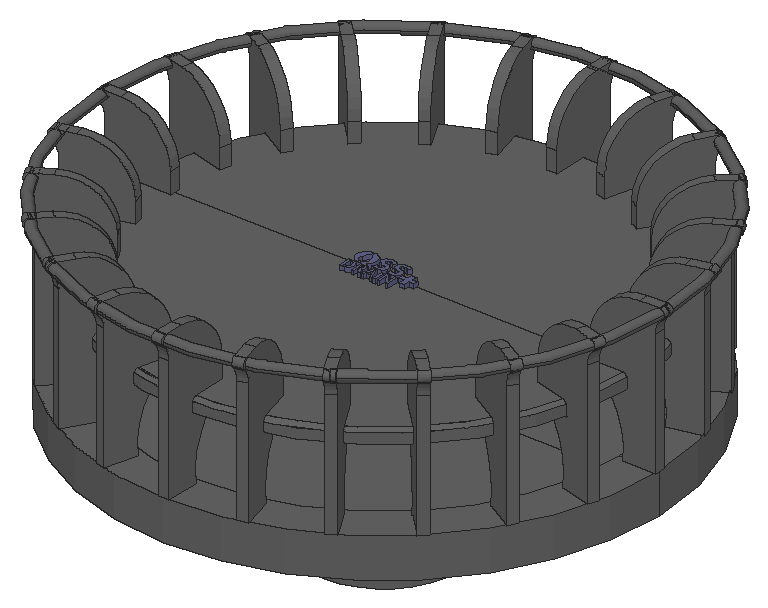
Revit family "QSS+_Воронка QS", category Оборудование, Revit 2019
Family settings
  Размер круглого соединителя = Использовать диаметр
  Классификация = Нет
  Тип детали = Нормальный
  На основе рабочей плоскости = Нет
  Всегда вертикально = Да
  При загрузке вырезать с полостями = Нет
  Общий = Нет
  Точка расчета площади = Нет
Parameters (values of type "QSS+")
  Поиск по таблице имен = "QSS+_Воронка QS"  # constant formula
  Подогрев [instance] = no
  Материал_Корпус_2 = Пластик
  Материал_Корпус = Металл
  p [instance] = if(Подогрев, 1 mm, 0 mm)  # 0 mm
  c2 [instance] = size_lookup(Поиск по таблице имен, "c1", 80 mm, ADSK_Диаметр условный, p)  # 400 mm
  a [instance] = size_lookup(Поиск по таблице имен, "a", 80 mm, ADSK_Диаметр условный, p)  # 80 mm
  URL = "www.agpipe.ru"
  b [instance] = size_lookup(Поиск по таблице имен, "b", 80 mm, ADSK_Диаметр условный, p)  # 75 mm
  c [instance] = size_lookup(Поиск по таблице имен, "c", 80 mm, ADSK_Диаметр условный, p)  # 285 mm
  ADSK_Примечание = ""
  ADSK_Позиция [instance] = ""
  ADSK_Обозначение = ""
  ADSK_Наименование [instance] = size_lookup(Поиск по таблице имен, "ADSK_Наименование", "Нет в каталоге", ADSK_Диаметр условный, p)  # "Воронка QS DN75"
  ADSK_Масса_Текст [instance] = ""
  ADSK_Код изделия [instance] = size_lookup(Поиск по таблице имен, "ADSK_Код изделия", "Нет в каталоге", ADSK_Диаметр условный, p)  # "QSS-DSS-075.W"
  ADSK_Завод-изготовитель = "Agpipe"  # constant formula
  ADSK_Единица измерения = "шт."  # constant formula
  ADSK_Диаметр условный [instance] = 75 mm
Reference planes
  plane 1 "По центру (Вперед/Назад)": y = 0
  plane 2: z = 0
  plane 3 "По центру (Влево/Вправо)": x = 0
  plane 4: x = -142.5
  plane 5: x = 142.5
  plane 6: y = -142.5
  plane 7: y = 142.5
  plane 8: z = 75
  plane 9: z = -80
  plane 10: x = -37.5
  plane 11: x = 37.5
Forms (mm)
  Sweep 1, solid, material "Пластик" <- "Материал_Корпус_2"
    path origin (0, 0, 75) x (1, 0, 0) y (0, 1, 0)
      loop
        circle (0, 0) r 142.5
    profile origin (0, 142.5, 75) x (0, -1, 0) y (0, 0, 1)
      loop
        circle (2.5, -2.5) r 2.5
  Extrusion 2, solid, material "Пластик" <- "Материал_Корпус_2"
    sketch origin (0, 0, 0) x (1, 0, 0) y (0, 0, 1)
      loop
        arc (-140, 75) -> (-142.276, 73.534) -> (-141.883, 70.856) r 2.5
        line (-141.883, 70.856) -> (-140.761, 69.734)
        arc (-140.761, 69.734) -> (-138.593, 66.489) -> (-137.832, 62.662) r 10
        line (-137.832, 62.662) -> (-137.832, 0) -> (-121.372, 0)
        arc (-121.372, 0) -> (-118.918, 20.674) -> (-106.282, 37.221) r 39.447
        line (-106.282, 37.221) -> (-121.372, 37.221) -> (-121.372, 33.158) -> (-123.899, 33.158) -> (-123.899, 38.158) -> (-122.057, 40) -> (-105, 40) -> (-105, 50)
        arc (-105, 50) -> (-112.322, 67.678) -> (-130, 75) r 25
        line (-130, 75) -> (-140, 75)
    from -2.5 to 2.5
  Extrusion 3, solid, material "Пластик" <- "Материал_Корпус_2"
    sketch origin (0, 0, 0) x (0.965926, -0.258819, 0) y (0, 0, 1)
      loop
        arc (-140, 75) -> (-142.276, 73.534) -> (-141.883, 70.856) r 2.5
        line (-141.883, 70.856) -> (-140.761, 69.734)
        arc (-140.761, 69.734) -> (-138.593, 66.489) -> (-137.832, 62.662) r 10
        line (-137.832, 62.662) -> (-137.832, 0) -> (-121.372, 0)
        arc (-121.372, 0) -> (-118.918, 20.674) -> (-106.282, 37.221) r 39.447
        line (-106.282, 37.221) -> (-121.372, 37.221) -> (-121.372, 33.158) -> (-123.899, 33.158) -> (-123.899, 38.158) -> (-122.057, 40) -> (-105, 40) -> (-105, 50)
        arc (-105, 50) -> (-112.322, 67.678) -> (-130, 75) r 25
        line (-130, 75) -> (-140, 75)
    from -2.5 to 2.5
  Extrusion 4, solid, material "Пластик" <- "Материал_Корпус_2"
    sketch origin (0, 0, 0) x (0.866025, -0.5, 0) y (0, 0, 1)
      loop
        arc (-140, 75) -> (-142.276, 73.534) -> (-141.883, 70.856) r 2.5
        line (-141.883, 70.856) -> (-140.761, 69.734)
        arc (-140.761, 69.734) -> (-138.593, 66.489) -> (-137.832, 62.662) r 10
        line (-137.832, 62.662) -> (-137.832, 0) -> (-121.372, 0)
        arc (-121.372, 0) -> (-118.918, 20.674) -> (-106.282, 37.221) r 39.447
        line (-106.282, 37.221) -> (-121.372, 37.221) -> (-121.372, 33.158) -> (-123.899, 33.158) -> (-123.899, 38.158) -> (-122.057, 40) -> (-105, 40) -> (-105, 50)
        arc (-105, 50) -> (-112.322, 67.678) -> (-130, 75) r 25
        line (-130, 75) -> (-140, 75)
    from -2.5 to 2.5
  Extrusion 5, solid, material "Пластик" <- "Материал_Корпус_2"
    sketch origin (0, 0, 0) x (0.707107, -0.707107, 0) y (0, 0, 1)
      loop
        arc (-140, 75) -> (-142.276, 73.534) -> (-141.883, 70.856) r 2.5
        line (-141.883, 70.856) -> (-140.761, 69.734)
        arc (-140.761, 69.734) -> (-138.593, 66.489) -> (-137.832, 62.662) r 10
        line (-137.832, 62.662) -> (-137.832, 0) -> (-121.372, 0)
        arc (-121.372, 0) -> (-118.918, 20.674) -> (-106.282, 37.221) r 39.447
        line (-106.282, 37.221) -> (-121.372, 37.221) -> (-121.372, 33.158) -> (-123.899, 33.158) -> (-123.899, 38.158) -> (-122.057, 40) -> (-105, 40) -> (-105, 50)
        arc (-105, 50) -> (-112.322, 67.678) -> (-130, 75) r 25
        line (-130, 75) -> (-140, 75)
    from -2.5 to 2.5
  Extrusion 6, solid, material "Пластик" <- "Материал_Корпус_2"
    sketch origin (0, 0, 0) x (0.5, -0.866025, 0) y (0, 0, 1)
      loop
        arc (-140, 75) -> (-142.276, 73.534) -> (-141.883, 70.856) r 2.5
        line (-141.883, 70.856) -> (-140.761, 69.734)
        arc (-140.761, 69.734) -> (-138.593, 66.489) -> (-137.832, 62.662) r 10
        line (-137.832, 62.662) -> (-137.832, 0) -> (-121.372, 0)
        arc (-121.372, 0) -> (-118.918, 20.674) -> (-106.282, 37.221) r 39.447
        line (-106.282, 37.221) -> (-121.372, 37.221) -> (-121.372, 33.158) -> (-123.899, 33.158) -> (-123.899, 38.158) -> (-122.057, 40) -> (-105, 40) -> (-105, 50)
        arc (-105, 50) -> (-112.322, 67.678) -> (-130, 75) r 25
        line (-130, 75) -> (-140, 75)
    from -2.5 to 2.5
  Extrusion 7, solid, material "Пластик" <- "Материал_Корпус_2"
    sketch origin (0, 0, 0) x (0.258819, -0.965926, 0) y (0, 0, 1)
      loop
        arc (-140, 75) -> (-142.276, 73.534) -> (-141.883, 70.856) r 2.5
        line (-141.883, 70.856) -> (-140.761, 69.734)
        arc (-140.761, 69.734) -> (-138.593, 66.489) -> (-137.832, 62.662) r 10
        line (-137.832, 62.662) -> (-137.832, 0) -> (-121.372, 0)
        arc (-121.372, 0) -> (-118.918, 20.674) -> (-106.282, 37.221) r 39.447
        line (-106.282, 37.221) -> (-121.372, 37.221) -> (-121.372, 33.158) -> (-123.899, 33.158) -> (-123.899, 38.158) -> (-122.057, 40) -> (-105, 40) -> (-105, 50)
        arc (-105, 50) -> (-112.322, 67.678) -> (-130, 75) r 25
        line (-130, 75) -> (-140, 75)
    from -2.5 to 2.5
  Extrusion 8, solid, material "Пластик" <- "Материал_Корпус_2"
    sketch origin (0, 0, 0) x (0, -1, 0) y (0, 0, 1)
      loop
        arc (-140, 75) -> (-142.276, 73.534) -> (-141.883, 70.856) r 2.5
        line (-141.883, 70.856) -> (-140.761, 69.734)
        arc (-140.761, 69.734) -> (-138.593, 66.489) -> (-137.832, 62.662) r 10
        line (-137.832, 62.662) -> (-137.832, 0) -> (-121.372, 0)
        arc (-121.372, 0) -> (-118.918, 20.674) -> (-106.282, 37.221) r 39.447
        line (-106.282, 37.221) -> (-121.372, 37.221) -> (-121.372, 33.158) -> (-123.899, 33.158) -> (-123.899, 38.158) -> (-122.057, 40) -> (-105, 40) -> (-105, 50)
        arc (-105, 50) -> (-112.322, 67.678) -> (-130, 75) r 25
        line (-130, 75) -> (-140, 75)
    from -2.5 to 2.5
  Extrusion 9, solid, material "Пластик" <- "Материал_Корпус_2"
    sketch origin (0, 0, 0) x (-0.258819, -0.965926, 0) y (0, 0, 1)
      loop
        arc (-140, 75) -> (-142.276, 73.534) -> (-141.883, 70.856) r 2.5
        line (-141.883, 70.856) -> (-140.761, 69.734)
        arc (-140.761, 69.734) -> (-138.593, 66.489) -> (-137.832, 62.662) r 10
        line (-137.832, 62.662) -> (-137.832, 0) -> (-121.372, 0)
        arc (-121.372, 0) -> (-118.918, 20.674) -> (-106.282, 37.221) r 39.447
        line (-106.282, 37.221) -> (-121.372, 37.221) -> (-121.372, 33.158) -> (-123.899, 33.158) -> (-123.899, 38.158) -> (-122.057, 40) -> (-105, 40) -> (-105, 50)
        arc (-105, 50) -> (-112.322, 67.678) -> (-130, 75) r 25
        line (-130, 75) -> (-140, 75)
    from -2.5 to 2.5
  Extrusion 10, solid, material "Пластик" <- "Материал_Корпус_2"
    sketch origin (0, 0, 0) x (-0.5, -0.866025, 0) y (0, 0, 1)
      loop
        arc (-140, 75) -> (-142.276, 73.534) -> (-141.883, 70.856) r 2.5
        line (-141.883, 70.856) -> (-140.761, 69.734)
        arc (-140.761, 69.734) -> (-138.593, 66.489) -> (-137.832, 62.662) r 10
        line (-137.832, 62.662) -> (-137.832, 0) -> (-121.372, 0)
        arc (-121.372, 0) -> (-118.918, 20.674) -> (-106.282, 37.221) r 39.447
        line (-106.282, 37.221) -> (-121.372, 37.221) -> (-121.372, 33.158) -> (-123.899, 33.158) -> (-123.899, 38.158) -> (-122.057, 40) -> (-105, 40) -> (-105, 50)
        arc (-105, 50) -> (-112.322, 67.678) -> (-130, 75) r 25
        line (-130, 75) -> (-140, 75)
    from -2.5 to 2.5
  Extrusion 11, solid, material "Пластик" <- "Материал_Корпус_2"
    sketch origin (0, 0, 0) x (-0.707107, -0.707107, 0) y (0, 0, 1)
      loop
        arc (-140, 75) -> (-142.276, 73.534) -> (-141.883, 70.856) r 2.5
        line (-141.883, 70.856) -> (-140.761, 69.734)
        arc (-140.761, 69.734) -> (-138.593, 66.489) -> (-137.832, 62.662) r 10
        line (-137.832, 62.662) -> (-137.832, 0) -> (-121.372, 0)
        arc (-121.372, 0) -> (-118.918, 20.674) -> (-106.282, 37.221) r 39.447
        line (-106.282, 37.221) -> (-121.372, 37.221) -> (-121.372, 33.158) -> (-123.899, 33.158) -> (-123.899, 38.158) -> (-122.057, 40) -> (-105, 40) -> (-105, 50)
        arc (-105, 50) -> (-112.322, 67.678) -> (-130, 75) r 25
        line (-130, 75) -> (-140, 75)
    from -2.5 to 2.5
  Extrusion 12, solid, material "Пластик" <- "Материал_Корпус_2"
    sketch origin (0, 0, 0) x (-0.866025, -0.5, 0) y (0, 0, 1)
      loop
        arc (-140, 75) -> (-142.276, 73.534) -> (-141.883, 70.856) r 2.5
        line (-141.883, 70.856) -> (-140.761, 69.734)
        arc (-140.761, 69.734) -> (-138.593, 66.489) -> (-137.832, 62.662) r 10
        line (-137.832, 62.662) -> (-137.832, 0) -> (-121.372, 0)
        arc (-121.372, 0) -> (-118.918, 20.674) -> (-106.282, 37.221) r 39.447
        line (-106.282, 37.221) -> (-121.372, 37.221) -> (-121.372, 33.158) -> (-123.899, 33.158) -> (-123.899, 38.158) -> (-122.057, 40) -> (-105, 40) -> (-105, 50)
        arc (-105, 50) -> (-112.322, 67.678) -> (-130, 75) r 25
        line (-130, 75) -> (-140, 75)
    from -2.5 to 2.5
  Extrusion 13, solid, material "Пластик" <- "Материал_Корпус_2"
    sketch origin (0, 0, 0) x (-0.965926, -0.258819, 0) y (0, 0, 1)
      loop
        arc (-140, 75) -> (-142.276, 73.534) -> (-141.883, 70.856) r 2.5
        line (-141.883, 70.856) -> (-140.761, 69.734)
        arc (-140.761, 69.734) -> (-138.593, 66.489) -> (-137.832, 62.662) r 10
        line (-137.832, 62.662) -> (-137.832, 0) -> (-121.372, 0)
        arc (-121.372, 0) -> (-118.918, 20.674) -> (-106.282, 37.221) r 39.447
        line (-106.282, 37.221) -> (-121.372, 37.221) -> (-121.372, 33.158) -> (-123.899, 33.158) -> (-123.899, 38.158) -> (-122.057, 40) -> (-105, 40) -> (-105, 50)
        arc (-105, 50) -> (-112.322, 67.678) -> (-130, 75) r 25
        line (-130, 75) -> (-140, 75)
    from -2.5 to 2.5
  Extrusion 14, solid, material "Пластик" <- "Материал_Корпус_2"
    sketch origin (0, 0, 0) x (-1, 0, 0) y (0, 0, 1)
      loop
        arc (-140, 75) -> (-142.276, 73.534) -> (-141.883, 70.856) r 2.5
        line (-141.883, 70.856) -> (-140.761, 69.734)
        arc (-140.761, 69.734) -> (-138.593, 66.489) -> (-137.832, 62.662) r 10
        line (-137.832, 62.662) -> (-137.832, 0) -> (-121.372, 0)
        arc (-121.372, 0) -> (-118.918, 20.674) -> (-106.282, 37.221) r 39.447
        line (-106.282, 37.221) -> (-121.372, 37.221) -> (-121.372, 33.158) -> (-123.899, 33.158) -> (-123.899, 38.158) -> (-122.057, 40) -> (-105, 40) -> (-105, 50)
        arc (-105, 50) -> (-112.322, 67.678) -> (-130, 75) r 25
        line (-130, 75) -> (-140, 75)
    from -2.5 to 2.5
  Extrusion 15, solid, material "Пластик" <- "Материал_Корпус_2"
    sketch origin (0, 0, 0) x (-0.965926, 0.258819, 0) y (0, 0, 1)
      loop
        arc (-140, 75) -> (-142.276, 73.534) -> (-141.883, 70.856) r 2.5
        line (-141.883, 70.856) -> (-140.761, 69.734)
        arc (-140.761, 69.734) -> (-138.593, 66.489) -> (-137.832, 62.662) r 10
        line (-137.832, 62.662) -> (-137.832, 0) -> (-121.372, 0)
        arc (-121.372, 0) -> (-118.918, 20.674) -> (-106.282, 37.221) r 39.447
        line (-106.282, 37.221) -> (-121.372, 37.221) -> (-121.372, 33.158) -> (-123.899, 33.158) -> (-123.899, 38.158) -> (-122.057, 40) -> (-105, 40) -> (-105, 50)
        arc (-105, 50) -> (-112.322, 67.678) -> (-130, 75) r 25
        line (-130, 75) -> (-140, 75)
    from -2.5 to 2.5
  Extrusion 16, solid, material "Пластик" <- "Материал_Корпус_2"
    sketch origin (0, 0, 0) x (-0.866025, 0.5, 0) y (0, 0, 1)
      loop
        arc (-140, 75) -> (-142.276, 73.534) -> (-141.883, 70.856) r 2.5
        line (-141.883, 70.856) -> (-140.761, 69.734)
        arc (-140.761, 69.734) -> (-138.593, 66.489) -> (-137.832, 62.662) r 10
        line (-137.832, 62.662) -> (-137.832, 0) -> (-121.372, 0)
        arc (-121.372, 0) -> (-118.918, 20.674) -> (-106.282, 37.221) r 39.447
        line (-106.282, 37.221) -> (-121.372, 37.221) -> (-121.372, 33.158) -> (-123.899, 33.158) -> (-123.899, 38.158) -> (-122.057, 40) -> (-105, 40) -> (-105, 50)
        arc (-105, 50) -> (-112.322, 67.678) -> (-130, 75) r 25
        line (-130, 75) -> (-140, 75)
    from -2.5 to 2.5
  Extrusion 17, solid, material "Пластик" <- "Материал_Корпус_2"
    sketch origin (0, 0, 0) x (-0.707107, 0.707107, 0) y (0, 0, 1)
      loop
        arc (-140, 75) -> (-142.276, 73.534) -> (-141.883, 70.856) r 2.5
        line (-141.883, 70.856) -> (-140.761, 69.734)
        arc (-140.761, 69.734) -> (-138.593, 66.489) -> (-137.832, 62.662) r 10
        line (-137.832, 62.662) -> (-137.832, 0) -> (-121.372, 0)
        arc (-121.372, 0) -> (-118.918, 20.674) -> (-106.282, 37.221) r 39.447
        line (-106.282, 37.221) -> (-121.372, 37.221) -> (-121.372, 33.158) -> (-123.899, 33.158) -> (-123.899, 38.158) -> (-122.057, 40) -> (-105, 40) -> (-105, 50)
        arc (-105, 50) -> (-112.322, 67.678) -> (-130, 75) r 25
        line (-130, 75) -> (-140, 75)
    from -2.5 to 2.5
  Extrusion 18, solid, material "Пластик" <- "Материал_Корпус_2"
    sketch origin (0, 0, 0) x (-0.5, 0.866025, 0) y (0, 0, 1)
      loop
        arc (-140, 75) -> (-142.276, 73.534) -> (-141.883, 70.856) r 2.5
        line (-141.883, 70.856) -> (-140.761, 69.734)
        arc (-140.761, 69.734) -> (-138.593, 66.489) -> (-137.832, 62.662) r 10
        line (-137.832, 62.662) -> (-137.832, 0) -> (-121.372, 0)
        arc (-121.372, 0) -> (-118.918, 20.674) -> (-106.282, 37.221) r 39.447
        line (-106.282, 37.221) -> (-121.372, 37.221) -> (-121.372, 33.158) -> (-123.899, 33.158) -> (-123.899, 38.158) -> (-122.057, 40) -> (-105, 40) -> (-105, 50)
        arc (-105, 50) -> (-112.322, 67.678) -> (-130, 75) r 25
        line (-130, 75) -> (-140, 75)
    from -2.5 to 2.5
  Extrusion 19, solid, material "Пластик" <- "Материал_Корпус_2"
    sketch origin (0, 0, 0) x (-0.258819, 0.965926, 0) y (0, 0, 1)
      loop
        arc (-140, 75) -> (-142.276, 73.534) -> (-141.883, 70.856) r 2.5
        line (-141.883, 70.856) -> (-140.761, 69.734)
        arc (-140.761, 69.734) -> (-138.593, 66.489) -> (-137.832, 62.662) r 10
        line (-137.832, 62.662) -> (-137.832, 0) -> (-121.372, 0)
        arc (-121.372, 0) -> (-118.918, 20.674) -> (-106.282, 37.221) r 39.447
        line (-106.282, 37.221) -> (-121.372, 37.221) -> (-121.372, 33.158) -> (-123.899, 33.158) -> (-123.899, 38.158) -> (-122.057, 40) -> (-105, 40) -> (-105, 50)
        arc (-105, 50) -> (-112.322, 67.678) -> (-130, 75) r 25
        line (-130, 75) -> (-140, 75)
    from -2.5 to 2.5
  Extrusion 20, solid, material "Пластик" <- "Материал_Корпус_2"
    sketch origin (0, 0, 0) x (0, 1, 0) y (0, 0, 1)
      loop
        arc (-140, 75) -> (-142.276, 73.534) -> (-141.883, 70.856) r 2.5
        line (-141.883, 70.856) -> (-140.761, 69.734)
        arc (-140.761, 69.734) -> (-138.593, 66.489) -> (-137.832, 62.662) r 10
        line (-137.832, 62.662) -> (-137.832, 0) -> (-121.372, 0)
        arc (-121.372, 0) -> (-118.918, 20.674) -> (-106.282, 37.221) r 39.447
        line (-106.282, 37.221) -> (-121.372, 37.221) -> (-121.372, 33.158) -> (-123.899, 33.158) -> (-123.899, 38.158) -> (-122.057, 40) -> (-105, 40) -> (-105, 50)
        arc (-105, 50) -> (-112.322, 67.678) -> (-130, 75) r 25
        line (-130, 75) -> (-140, 75)
    from -2.5 to 2.5
  Extrusion 21, solid, material "Пластик" <- "Материал_Корпус_2"
    sketch origin (0, 0, 0) x (0.258819, 0.965926, 0) y (0, 0, 1)
      loop
        arc (-140, 75) -> (-142.276, 73.534) -> (-141.883, 70.856) r 2.5
        line (-141.883, 70.856) -> (-140.761, 69.734)
        arc (-140.761, 69.734) -> (-138.593, 66.489) -> (-137.832, 62.662) r 10
        line (-137.832, 62.662) -> (-137.832, 0) -> (-121.372, 0)
        arc (-121.372, 0) -> (-118.918, 20.674) -> (-106.282, 37.221) r 39.447
        line (-106.282, 37.221) -> (-121.372, 37.221) -> (-121.372, 33.158) -> (-123.899, 33.158) -> (-123.899, 38.158) -> (-122.057, 40) -> (-105, 40) -> (-105, 50)
        arc (-105, 50) -> (-112.322, 67.678) -> (-130, 75) r 25
        line (-130, 75) -> (-140, 75)
    from -2.5 to 2.5
  Extrusion 22, solid, material "Пластик" <- "Материал_Корпус_2"
    sketch origin (0, 0, 0) x (0.5, 0.866025, 0) y (0, 0, 1)
      loop
        arc (-140, 75) -> (-142.276, 73.534) -> (-141.883, 70.856) r 2.5
        line (-141.883, 70.856) -> (-140.761, 69.734)
        arc (-140.761, 69.734) -> (-138.593, 66.489) -> (-137.832, 62.662) r 10
        line (-137.832, 62.662) -> (-137.832, 0) -> (-121.372, 0)
        arc (-121.372, 0) -> (-118.918, 20.674) -> (-106.282, 37.221) r 39.447
        line (-106.282, 37.221) -> (-121.372, 37.221) -> (-121.372, 33.158) -> (-123.899, 33.158) -> (-123.899, 38.158) -> (-122.057, 40) -> (-105, 40) -> (-105, 50)
        arc (-105, 50) -> (-112.322, 67.678) -> (-130, 75) r 25
        line (-130, 75) -> (-140, 75)
    from -2.5 to 2.5
  Extrusion 23, solid, material "Пластик" <- "Материал_Корпус_2"
    sketch origin (0, 0, 0) x (0.707107, 0.707107, 0) y (0, 0, 1)
      loop
        arc (-140, 75) -> (-142.276, 73.534) -> (-141.883, 70.856) r 2.5
        line (-141.883, 70.856) -> (-140.761, 69.734)
        arc (-140.761, 69.734) -> (-138.593, 66.489) -> (-137.832, 62.662) r 10
        line (-137.832, 62.662) -> (-137.832, 0) -> (-121.372, 0)
        arc (-121.372, 0) -> (-118.918, 20.674) -> (-106.282, 37.221) r 39.447
        line (-106.282, 37.221) -> (-121.372, 37.221) -> (-121.372, 33.158) -> (-123.899, 33.158) -> (-123.899, 38.158) -> (-122.057, 40) -> (-105, 40) -> (-105, 50)
        arc (-105, 50) -> (-112.322, 67.678) -> (-130, 75) r 25
        line (-130, 75) -> (-140, 75)
    from -2.5 to 2.5
  Extrusion 24, solid, material "Пластик" <- "Материал_Корпус_2"
    sketch origin (0, 0, 0) x (0.866025, 0.5, 0) y (0, 0, 1)
      loop
        arc (-140, 75) -> (-142.276, 73.534) -> (-141.883, 70.856) r 2.5
        line (-141.883, 70.856) -> (-140.761, 69.734)
        arc (-140.761, 69.734) -> (-138.593, 66.489) -> (-137.832, 62.662) r 10
        line (-137.832, 62.662) -> (-137.832, 0) -> (-121.372, 0)
        arc (-121.372, 0) -> (-118.918, 20.674) -> (-106.282, 37.221) r 39.447
        line (-106.282, 37.221) -> (-121.372, 37.221) -> (-121.372, 33.158) -> (-123.899, 33.158) -> (-123.899, 38.158) -> (-122.057, 40) -> (-105, 40) -> (-105, 50)
        arc (-105, 50) -> (-112.322, 67.678) -> (-130, 75) r 25
        line (-130, 75) -> (-140, 75)
    from -2.5 to 2.5
  Extrusion 25, solid, material "Пластик" <- "Материал_Корпус_2"
    sketch origin (0, 0, 0) x (0.965926, 0.258819, 0) y (0, 0, 1)
      loop
        arc (-140, 75) -> (-142.276, 73.534) -> (-141.883, 70.856) r 2.5
        line (-141.883, 70.856) -> (-140.761, 69.734)
        arc (-140.761, 69.734) -> (-138.593, 66.489) -> (-137.832, 62.662) r 10
        line (-137.832, 62.662) -> (-137.832, 0) -> (-121.372, 0)
        arc (-121.372, 0) -> (-118.918, 20.674) -> (-106.282, 37.221) r 39.447
        line (-106.282, 37.221) -> (-121.372, 37.221) -> (-121.372, 33.158) -> (-123.899, 33.158) -> (-123.899, 38.158) -> (-122.057, 40) -> (-105, 40) -> (-105, 50)
        arc (-105, 50) -> (-112.322, 67.678) -> (-130, 75) r 25
        line (-130, 75) -> (-140, 75)
    from -2.5 to 2.5
  Revolve 26, solid, material "Пластик" <- "Материал_Корпус_2"
    sketch origin (0, 0, 0) x (1, 0, 0) y (0, 0, 1)
      loop
        line (-122.057, 40) -> (-123.899, 38.158) -> (-123.899, 33.158) -> (-121.372, 33.158) -> (-121.372, 37.221) -> (0, 37.221) -> (0, 40) -> (-122.057, 40)
      axis (0, 40) -> (0, 33.158)
    angle from 0 to 360
  Revolve 27, solid, material "Пластик" <- "Материал_Корпус_2"
    sketch origin (0, 0, 0) x (1, 0, 0) y (0, 0, 1)
      loop
        line (-37.5, -80) -> (-33.116, -80) -> (-33.116, -10.704) -> (-36.605, -7.5) -> (-118.116, -7.5) -> (-118.116, 0) -> (-137.832, 0) -> (-137.832, -20) -> (-37.5, -20) -> (-37.5, -80)
      axis (0, -80) -> (0, 0)
    angle from 0 to 360
Dimensions and locks
  equal spacing: plane 4, plane 3 "По центру (Влево/Вправо)", plane 5
  "c": plane 4 to plane 5
  equal spacing: plane 7, plane 1 "По центру (Вперед/Назад)", plane 6
  "c": plane 7 to plane 6
  "b": plane 8 to level
  "a": level to plane 9
  equal spacing: plane 10, plane 3 "По центру (Влево/Вправо)", plane 11
  plane 10 to plane 11 = 75 mm
  locked: Revolve 27 sketch curve to plane 4 at 4.668
  locked: plane 10 to Revolve 27 sketch curve at 4.384
  level to Revolve 27 sketch curve to Revolve 27 sketch curve = 7.5 mm locked, 12.5 mm locked
  "c": diameter of Sweep 1 sketch curve
  aligned and locked: level to plane 2
  aligned and locked: Revolve 27 sketch curve to plane 10
  aligned and locked: Revolve 26 to nested 2
  aligned and locked: plane 3 "По центру (Влево/Вправо)" to nested 2
  aligned and locked: plane 1 "По центру (Вперед/Назад)" to nested 2
Automatic sketch dimensions
  level to Sweep 1 sketch curve = 72.5 mm
  Sweep 1 sketch curve to profile plane = 2.5 mm
  Extrusion 2 sketch curve to Extrusion 2 sketch curve = 1.122 mm  (x2)
  Extrusion 2 sketch curve to Extrusion 2 sketch curve = 10 mm
  Extrusion 2 sketch curve to Extrusion 2 sketch curve = 6.101 mm
  Extrusion 2 sketch curve to Extrusion 2 sketch curve = 1.842 mm
  Extrusion 2 sketch curve to Extrusion 2 sketch curve = 2.528 mm
  Extrusion 2 sketch curve to Extrusion 2 sketch curve = 16.372 mm
  Extrusion 2 sketch curve to Extrusion 2 sketch curve = 16.842 mm
  Extrusion 2 sketch curve to Extrusion 2 sketch curve = 4.062 mm
  Extrusion 2 sketch curve to Extrusion 2 sketch curve = 0.937 mm
  Extrusion 2 sketch curve to Extrusion 2 sketch curve = 2.779 mm
  Extrusion 2 sketch curve to Extrusion 2 sketch curve = 16.46 mm
  Extrusion 2 sketch curve to Extrusion 2 sketch curve = 1.282 mm
  Extrusion 2 sketch curve to Extrusion 2 sketch curve = 5.949 mm
  Extrusion 2 sketch curve to Extrusion 2 sketch curve = 1.883 mm
  Extrusion 2 sketch curve to Extrusion 2 sketch curve = 2.929 mm
  Extrusion 2 sketch curve to Extrusion 2 sketch curve = 23.921 mm
  Extrusion 2 sketch curve to Extrusion 2 sketch curve = 5.854 mm
  Extrusion 2 sketch curve to Extrusion 2 sketch curve = 12.338 mm
  Extrusion 3 sketch curve to Extrusion 3 sketch curve = 1.122 mm  (x2)
  Extrusion 3 sketch curve to Extrusion 3 sketch curve = 10 mm
  Extrusion 3 sketch curve to Extrusion 3 sketch curve = 6.101 mm
  Extrusion 3 sketch curve to Extrusion 3 sketch curve = 1.842 mm
  Extrusion 3 sketch curve to Extrusion 3 sketch curve = 2.528 mm
  Extrusion 3 sketch curve to Extrusion 3 sketch curve = 16.372 mm
  Extrusion 3 sketch curve to Extrusion 3 sketch curve = 16.842 mm
  Extrusion 3 sketch curve to Extrusion 3 sketch curve = 4.063 mm
  Extrusion 3 sketch curve to Extrusion 3 sketch curve = 0.938 mm
  Extrusion 3 sketch curve to Extrusion 3 sketch curve = 2.779 mm
  Extrusion 3 sketch curve to Extrusion 3 sketch curve = 16.46 mm
  Extrusion 3 sketch curve to Extrusion 3 sketch curve = 1.282 mm
  Extrusion 3 sketch curve to Extrusion 3 sketch curve = 5.949 mm
  Extrusion 3 sketch curve to Extrusion 3 sketch curve = 1.883 mm
  Extrusion 3 sketch curve to Extrusion 3 sketch curve = 2.929 mm
  Extrusion 3 sketch curve to Extrusion 3 sketch curve = 23.921 mm
  Extrusion 3 sketch curve to Extrusion 3 sketch curve = 5.854 mm
  Extrusion 3 sketch curve to Extrusion 3 sketch curve = 12.338 mm
  Extrusion 4 sketch curve to Extrusion 4 sketch curve = 1.122 mm  (x2)
  Extrusion 4 sketch curve to Extrusion 4 sketch curve = 10 mm
  Extrusion 4 sketch curve to Extrusion 4 sketch curve = 6.101 mm
  Extrusion 4 sketch curve to Extrusion 4 sketch curve = 1.842 mm
  Extrusion 4 sketch curve to Extrusion 4 sketch curve = 2.528 mm
  Extrusion 4 sketch curve to Extrusion 4 sketch curve = 16.372 mm
  Extrusion 4 sketch curve to Extrusion 4 sketch curve = 16.842 mm
  Extrusion 4 sketch curve to Extrusion 4 sketch curve = 4.062 mm
  Extrusion 4 sketch curve to Extrusion 4 sketch curve = 0.937 mm
  Extrusion 4 sketch curve to Extrusion 4 sketch curve = 2.779 mm
  Extrusion 4 sketch curve to Extrusion 4 sketch curve = 16.46 mm
  Extrusion 4 sketch curve to Extrusion 4 sketch curve = 1.282 mm
  Extrusion 4 sketch curve to Extrusion 4 sketch curve = 5.949 mm
  Extrusion 4 sketch curve to Extrusion 4 sketch curve = 1.883 mm
  Extrusion 4 sketch curve to Extrusion 4 sketch curve = 2.929 mm
  Extrusion 4 sketch curve to Extrusion 4 sketch curve = 23.921 mm
  Extrusion 4 sketch curve to Extrusion 4 sketch curve = 5.854 mm
  Extrusion 4 sketch curve to Extrusion 4 sketch curve = 12.338 mm
  Extrusion 5 sketch curve to Extrusion 5 sketch curve = 1.122 mm  (x2)
  Extrusion 5 sketch curve to Extrusion 5 sketch curve = 10 mm
  Extrusion 5 sketch curve to Extrusion 5 sketch curve = 6.101 mm
  Extrusion 5 sketch curve to Extrusion 5 sketch curve = 1.842 mm
  Extrusion 5 sketch curve to Extrusion 5 sketch curve = 2.528 mm
  Extrusion 5 sketch curve to Extrusion 5 sketch curve = 16.372 mm
  Extrusion 5 sketch curve to Extrusion 5 sketch curve = 16.842 mm
  Extrusion 5 sketch curve to Extrusion 5 sketch curve = 4.062 mm
  Extrusion 5 sketch curve to Extrusion 5 sketch curve = 0.937 mm
  Extrusion 5 sketch curve to Extrusion 5 sketch curve = 2.779 mm
  Extrusion 5 sketch curve to Extrusion 5 sketch curve = 16.46 mm
  Extrusion 5 sketch curve to Extrusion 5 sketch curve = 1.282 mm
  Extrusion 5 sketch curve to Extrusion 5 sketch curve = 5.949 mm
  Extrusion 5 sketch curve to Extrusion 5 sketch curve = 1.883 mm
  Extrusion 5 sketch curve to Extrusion 5 sketch curve = 2.929 mm
  Extrusion 5 sketch curve to Extrusion 5 sketch curve = 23.921 mm
  Extrusion 5 sketch curve to Extrusion 5 sketch curve = 5.854 mm
  Extrusion 5 sketch curve to Extrusion 5 sketch curve = 12.338 mm
  Extrusion 6 sketch curve to Extrusion 6 sketch curve = 1.122 mm  (x2)
  Extrusion 6 sketch curve to Extrusion 6 sketch curve = 10 mm
  Extrusion 6 sketch curve to Extrusion 6 sketch curve = 6.101 mm
  Extrusion 6 sketch curve to Extrusion 6 sketch curve = 1.842 mm
  Extrusion 6 sketch curve to Extrusion 6 sketch curve = 2.528 mm
  Extrusion 6 sketch curve to Extrusion 6 sketch curve = 16.372 mm
  Extrusion 6 sketch curve to Extrusion 6 sketch curve = 16.842 mm
  Extrusion 6 sketch curve to Extrusion 6 sketch curve = 4.062 mm
  Extrusion 6 sketch curve to Extrusion 6 sketch curve = 0.937 mm
  Extrusion 6 sketch curve to Extrusion 6 sketch curve = 2.779 mm
  Extrusion 6 sketch curve to Extrusion 6 sketch curve = 16.46 mm
  Extrusion 6 sketch curve to Extrusion 6 sketch curve = 1.282 mm
  Extrusion 6 sketch curve to Extrusion 6 sketch curve = 5.949 mm
  Extrusion 6 sketch curve to Extrusion 6 sketch curve = 1.883 mm
  Extrusion 6 sketch curve to Extrusion 6 sketch curve = 2.929 mm
  Extrusion 6 sketch curve to Extrusion 6 sketch curve = 23.921 mm
  Extrusion 6 sketch curve to Extrusion 6 sketch curve = 5.854 mm
  Extrusion 6 sketch curve to Extrusion 6 sketch curve = 12.338 mm
  Extrusion 7 sketch curve to Extrusion 7 sketch curve = 1.122 mm  (x2)
  Extrusion 7 sketch curve to Extrusion 7 sketch curve = 10 mm
  Extrusion 7 sketch curve to Extrusion 7 sketch curve = 6.101 mm
  Extrusion 7 sketch curve to Extrusion 7 sketch curve = 1.842 mm
  Extrusion 7 sketch curve to Extrusion 7 sketch curve = 2.528 mm
  Extrusion 7 sketch curve to Extrusion 7 sketch curve = 16.372 mm
  Extrusion 7 sketch curve to Extrusion 7 sketch curve = 16.842 mm
  Extrusion 7 sketch curve to Extrusion 7 sketch curve = 4.063 mm
  Extrusion 7 sketch curve to Extrusion 7 sketch curve = 0.937 mm
  Extrusion 7 sketch curve to Extrusion 7 sketch curve = 2.779 mm
  Extrusion 7 sketch curve to Extrusion 7 sketch curve = 16.46 mm
  Extrusion 7 sketch curve to Extrusion 7 sketch curve = 1.282 mm
  Extrusion 7 sketch curve to Extrusion 7 sketch curve = 5.949 mm
  Extrusion 7 sketch curve to Extrusion 7 sketch curve = 1.883 mm
  Extrusion 7 sketch curve to Extrusion 7 sketch curve = 2.929 mm
  Extrusion 7 sketch curve to Extrusion 7 sketch curve = 23.921 mm
  Extrusion 7 sketch curve to Extrusion 7 sketch curve = 5.854 mm
  Extrusion 7 sketch curve to Extrusion 7 sketch curve = 12.338 mm
  Extrusion 8 sketch curve to Extrusion 8 sketch curve = 1.122 mm  (x2)
  Extrusion 8 sketch curve to Extrusion 8 sketch curve = 10 mm
  Extrusion 8 sketch curve to Extrusion 8 sketch curve = 6.101 mm
  Extrusion 8 sketch curve to Extrusion 8 sketch curve = 1.842 mm
  Extrusion 8 sketch curve to Extrusion 8 sketch curve = 2.528 mm
  Extrusion 8 sketch curve to Extrusion 8 sketch curve = 16.372 mm
  Extrusion 8 sketch curve to Extrusion 8 sketch curve = 16.842 mm
  Extrusion 8 sketch curve to Extrusion 8 sketch curve = 4.062 mm
  Extrusion 8 sketch curve to Extrusion 8 sketch curve = 0.937 mm
  Extrusion 8 sketch curve to Extrusion 8 sketch curve = 2.779 mm
  Extrusion 8 sketch curve to Extrusion 8 sketch curve = 16.46 mm
  Extrusion 8 sketch curve to Extrusion 8 sketch curve = 1.282 mm
  Extrusion 8 sketch curve to Extrusion 8 sketch curve = 5.949 mm
  Extrusion 8 sketch curve to Extrusion 8 sketch curve = 1.883 mm
  Extrusion 8 sketch curve to Extrusion 8 sketch curve = 2.929 mm
  Extrusion 8 sketch curve to Extrusion 8 sketch curve = 23.921 mm
  Extrusion 8 sketch curve to Extrusion 8 sketch curve = 5.854 mm
  Extrusion 8 sketch curve to Extrusion 8 sketch curve = 12.338 mm
  Extrusion 9 sketch curve to Extrusion 9 sketch curve = 1.122 mm  (x2)
  Extrusion 9 sketch curve to Extrusion 9 sketch curve = 10 mm
  Extrusion 9 sketch curve to Extrusion 9 sketch curve = 6.101 mm
  Extrusion 9 sketch curve to Extrusion 9 sketch curve = 1.842 mm
  Extrusion 9 sketch curve to Extrusion 9 sketch curve = 2.528 mm
  Extrusion 9 sketch curve to Extrusion 9 sketch curve = 16.372 mm
  Extrusion 9 sketch curve to Extrusion 9 sketch curve = 16.842 mm
  Extrusion 9 sketch curve to Extrusion 9 sketch curve = 4.062 mm
  Extrusion 9 sketch curve to Extrusion 9 sketch curve = 0.938 mm
  Extrusion 9 sketch curve to Extrusion 9 sketch curve = 2.779 mm
  Extrusion 9 sketch curve to Extrusion 9 sketch curve = 16.46 mm
  Extrusion 9 sketch curve to Extrusion 9 sketch curve = 1.282 mm
  Extrusion 9 sketch curve to Extrusion 9 sketch curve = 5.949 mm
  Extrusion 9 sketch curve to Extrusion 9 sketch curve = 1.883 mm
  Extrusion 9 sketch curve to Extrusion 9 sketch curve = 2.929 mm
  Extrusion 9 sketch curve to Extrusion 9 sketch curve = 23.921 mm
  Extrusion 9 sketch curve to Extrusion 9 sketch curve = 5.854 mm
  Extrusion 9 sketch curve to Extrusion 9 sketch curve = 12.338 mm
  Extrusion 10 sketch curve to Extrusion 10 sketch curve = 1.122 mm  (x2)
  Extrusion 10 sketch curve to Extrusion 10 sketch curve = 10 mm
  Extrusion 10 sketch curve to Extrusion 10 sketch curve = 6.101 mm
  Extrusion 10 sketch curve to Extrusion 10 sketch curve = 1.842 mm
  Extrusion 10 sketch curve to Extrusion 10 sketch curve = 2.528 mm
  Extrusion 10 sketch curve to Extrusion 10 sketch curve = 16.372 mm
  Extrusion 10 sketch curve to Extrusion 10 sketch curve = 16.842 mm
  Extrusion 10 sketch curve to Extrusion 10 sketch curve = 4.062 mm
  Extrusion 10 sketch curve to Extrusion 10 sketch curve = 0.937 mm
  Extrusion 10 sketch curve to Extrusion 10 sketch curve = 2.779 mm
  Extrusion 10 sketch curve to Extrusion 10 sketch curve = 16.46 mm
  Extrusion 10 sketch curve to Extrusion 10 sketch curve = 1.282 mm
  Extrusion 10 sketch curve to Extrusion 10 sketch curve = 5.949 mm
  Extrusion 10 sketch curve to Extrusion 10 sketch curve = 1.883 mm
  Extrusion 10 sketch curve to Extrusion 10 sketch curve = 2.929 mm
  Extrusion 10 sketch curve to Extrusion 10 sketch curve = 23.921 mm
  Extrusion 10 sketch curve to Extrusion 10 sketch curve = 5.854 mm
  Extrusion 10 sketch curve to Extrusion 10 sketch curve = 12.338 mm
  Extrusion 11 sketch curve to Extrusion 11 sketch curve = 1.122 mm  (x2)
  Extrusion 11 sketch curve to Extrusion 11 sketch curve = 10 mm
  Extrusion 11 sketch curve to Extrusion 11 sketch curve = 6.101 mm
  Extrusion 11 sketch curve to Extrusion 11 sketch curve = 1.842 mm
  Extrusion 11 sketch curve to Extrusion 11 sketch curve = 2.528 mm
  Extrusion 11 sketch curve to Extrusion 11 sketch curve = 16.372 mm
  Extrusion 11 sketch curve to Extrusion 11 sketch curve = 16.842 mm
  Extrusion 11 sketch curve to Extrusion 11 sketch curve = 4.062 mm
  Extrusion 11 sketch curve to Extrusion 11 sketch curve = 0.937 mm
  Extrusion 11 sketch curve to Extrusion 11 sketch curve = 2.779 mm
  Extrusion 11 sketch curve to Extrusion 11 sketch curve = 16.46 mm
  Extrusion 11 sketch curve to Extrusion 11 sketch curve = 1.282 mm
  Extrusion 11 sketch curve to Extrusion 11 sketch curve = 5.949 mm
  Extrusion 11 sketch curve to Extrusion 11 sketch curve = 1.883 mm
  Extrusion 11 sketch curve to Extrusion 11 sketch curve = 2.929 mm
  Extrusion 11 sketch curve to Extrusion 11 sketch curve = 23.921 mm
  Extrusion 11 sketch curve to Extrusion 11 sketch curve = 5.854 mm
  Extrusion 11 sketch curve to Extrusion 11 sketch curve = 12.338 mm
  Extrusion 12 sketch curve to Extrusion 12 sketch curve = 1.122 mm  (x2)
  Extrusion 12 sketch curve to Extrusion 12 sketch curve = 10 mm
  Extrusion 12 sketch curve to Extrusion 12 sketch curve = 6.101 mm
  Extrusion 12 sketch curve to Extrusion 12 sketch curve = 1.842 mm
  Extrusion 12 sketch curve to Extrusion 12 sketch curve = 2.528 mm
  Extrusion 12 sketch curve to Extrusion 12 sketch curve = 16.372 mm
  Extrusion 12 sketch curve to Extrusion 12 sketch curve = 16.842 mm
  Extrusion 12 sketch curve to Extrusion 12 sketch curve = 4.062 mm
  Extrusion 12 sketch curve to Extrusion 12 sketch curve = 0.938 mm
  Extrusion 12 sketch curve to Extrusion 12 sketch curve = 2.779 mm
  Extrusion 12 sketch curve to Extrusion 12 sketch curve = 16.46 mm
  Extrusion 12 sketch curve to Extrusion 12 sketch curve = 1.282 mm
  Extrusion 12 sketch curve to Extrusion 12 sketch curve = 5.949 mm
  Extrusion 12 sketch curve to Extrusion 12 sketch curve = 1.883 mm
  Extrusion 12 sketch curve to Extrusion 12 sketch curve = 2.929 mm
  Extrusion 12 sketch curve to Extrusion 12 sketch curve = 23.921 mm
  Extrusion 12 sketch curve to Extrusion 12 sketch curve = 5.854 mm
  Extrusion 12 sketch curve to Extrusion 12 sketch curve = 12.338 mm
  Extrusion 13 sketch curve to Extrusion 13 sketch curve = 1.122 mm  (x2)
  Extrusion 13 sketch curve to Extrusion 13 sketch curve = 10 mm
  Extrusion 13 sketch curve to Extrusion 13 sketch curve = 6.101 mm
  Extrusion 13 sketch curve to Extrusion 13 sketch curve = 1.842 mm
  Extrusion 13 sketch curve to Extrusion 13 sketch curve = 2.528 mm
  Extrusion 13 sketch curve to Extrusion 13 sketch curve = 16.372 mm
  Extrusion 13 sketch curve to Extrusion 13 sketch curve = 16.842 mm
  Extrusion 13 sketch curve to Extrusion 13 sketch curve = 4.063 mm
  Extrusion 13 sketch curve to Extrusion 13 sketch curve = 0.937 mm
  Extrusion 13 sketch curve to Extrusion 13 sketch curve = 2.779 mm
  Extrusion 13 sketch curve to Extrusion 13 sketch curve = 16.46 mm
  Extrusion 13 sketch curve to Extrusion 13 sketch curve = 1.282 mm
  Extrusion 13 sketch curve to Extrusion 13 sketch curve = 5.949 mm
  Extrusion 13 sketch curve to Extrusion 13 sketch curve = 1.883 mm
  Extrusion 13 sketch curve to Extrusion 13 sketch curve = 2.929 mm
  Extrusion 13 sketch curve to Extrusion 13 sketch curve = 23.921 mm
  Extrusion 13 sketch curve to Extrusion 13 sketch curve = 5.854 mm
  Extrusion 13 sketch curve to Extrusion 13 sketch curve = 12.338 mm
  Extrusion 14 sketch curve to Extrusion 14 sketch curve = 1.122 mm  (x2)
  Extrusion 14 sketch curve to Extrusion 14 sketch curve = 10 mm
  Extrusion 14 sketch curve to Extrusion 14 sketch curve = 6.101 mm
  Extrusion 14 sketch curve to Extrusion 14 sketch curve = 1.842 mm
  Extrusion 14 sketch curve to Extrusion 14 sketch curve = 2.528 mm
  Extrusion 14 sketch curve to Extrusion 14 sketch curve = 16.372 mm
  Extrusion 14 sketch curve to Extrusion 14 sketch curve = 16.842 mm
  Extrusion 14 sketch curve to Extrusion 14 sketch curve = 4.062 mm
  Extrusion 14 sketch curve to Extrusion 14 sketch curve = 0.937 mm
  Extrusion 14 sketch curve to Extrusion 14 sketch curve = 2.779 mm
  Extrusion 14 sketch curve to Extrusion 14 sketch curve = 16.46 mm
  Extrusion 14 sketch curve to Extrusion 14 sketch curve = 1.282 mm
  Extrusion 14 sketch curve to Extrusion 14 sketch curve = 5.949 mm
  Extrusion 14 sketch curve to Extrusion 14 sketch curve = 1.883 mm
  Extrusion 14 sketch curve to Extrusion 14 sketch curve = 2.929 mm
  Extrusion 14 sketch curve to Extrusion 14 sketch curve = 23.921 mm
  Extrusion 14 sketch curve to Extrusion 14 sketch curve = 5.854 mm
  Extrusion 14 sketch curve to Extrusion 14 sketch curve = 12.338 mm
  Extrusion 15 sketch curve to Extrusion 15 sketch curve = 1.122 mm  (x2)
  Extrusion 15 sketch curve to Extrusion 15 sketch curve = 10 mm
  Extrusion 15 sketch curve to Extrusion 15 sketch curve = 6.101 mm
  Extrusion 15 sketch curve to Extrusion 15 sketch curve = 1.842 mm
  Extrusion 15 sketch curve to Extrusion 15 sketch curve = 2.528 mm
  Extrusion 15 sketch curve to Extrusion 15 sketch curve = 16.372 mm
  Extrusion 15 sketch curve to Extrusion 15 sketch curve = 16.842 mm
  Extrusion 15 sketch curve to Extrusion 15 sketch curve = 4.063 mm
  Extrusion 15 sketch curve to Extrusion 15 sketch curve = 0.937 mm
  Extrusion 15 sketch curve to Extrusion 15 sketch curve = 2.779 mm
  Extrusion 15 sketch curve to Extrusion 15 sketch curve = 16.46 mm
  Extrusion 15 sketch curve to Extrusion 15 sketch curve = 1.282 mm
  Extrusion 15 sketch curve to Extrusion 15 sketch curve = 5.949 mm
  Extrusion 15 sketch curve to Extrusion 15 sketch curve = 1.883 mm
  Extrusion 15 sketch curve to Extrusion 15 sketch curve = 2.929 mm
  Extrusion 15 sketch curve to Extrusion 15 sketch curve = 23.921 mm
  Extrusion 15 sketch curve to Extrusion 15 sketch curve = 5.854 mm
  Extrusion 15 sketch curve to Extrusion 15 sketch curve = 12.338 mm
  Extrusion 16 sketch curve to Extrusion 16 sketch curve = 1.122 mm  (x2)
  Extrusion 16 sketch curve to Extrusion 16 sketch curve = 10 mm
  Extrusion 16 sketch curve to Extrusion 16 sketch curve = 6.101 mm
  Extrusion 16 sketch curve to Extrusion 16 sketch curve = 1.842 mm
  Extrusion 16 sketch curve to Extrusion 16 sketch curve = 2.528 mm
  Extrusion 16 sketch curve to Extrusion 16 sketch curve = 16.372 mm
  Extrusion 16 sketch curve to Extrusion 16 sketch curve = 16.842 mm
  Extrusion 16 sketch curve to Extrusion 16 sketch curve = 4.062 mm
  Extrusion 16 sketch curve to Extrusion 16 sketch curve = 0.937 mm
  Extrusion 16 sketch curve to Extrusion 16 sketch curve = 2.779 mm
  Extrusion 16 sketch curve to Extrusion 16 sketch curve = 16.46 mm
  Extrusion 16 sketch curve to Extrusion 16 sketch curve = 1.282 mm
  Extrusion 16 sketch curve to Extrusion 16 sketch curve = 5.949 mm
  Extrusion 16 sketch curve to Extrusion 16 sketch curve = 1.883 mm
  Extrusion 16 sketch curve to Extrusion 16 sketch curve = 2.929 mm
  Extrusion 16 sketch curve to Extrusion 16 sketch curve = 23.921 mm
  Extrusion 16 sketch curve to Extrusion 16 sketch curve = 5.854 mm
  Extrusion 16 sketch curve to Extrusion 16 sketch curve = 12.338 mm
  Extrusion 17 sketch curve to Extrusion 17 sketch curve = 1.122 mm  (x2)
  Extrusion 17 sketch curve to Extrusion 17 sketch curve = 10 mm
  Extrusion 17 sketch curve to Extrusion 17 sketch curve = 6.101 mm
  Extrusion 17 sketch curve to Extrusion 17 sketch curve = 1.842 mm
  Extrusion 17 sketch curve to Extrusion 17 sketch curve = 2.528 mm
  Extrusion 17 sketch curve to Extrusion 17 sketch curve = 16.372 mm
  Extrusion 17 sketch curve to Extrusion 17 sketch curve = 16.842 mm
  Extrusion 17 sketch curve to Extrusion 17 sketch curve = 4.062 mm
  Extrusion 17 sketch curve to Extrusion 17 sketch curve = 0.937 mm
  Extrusion 17 sketch curve to Extrusion 17 sketch curve = 2.779 mm
  Extrusion 17 sketch curve to Extrusion 17 sketch curve = 16.46 mm
  Extrusion 17 sketch curve to Extrusion 17 sketch curve = 1.282 mm
  Extrusion 17 sketch curve to Extrusion 17 sketch curve = 5.949 mm
  Extrusion 17 sketch curve to Extrusion 17 sketch curve = 1.883 mm
  Extrusion 17 sketch curve to Extrusion 17 sketch curve = 2.929 mm
  Extrusion 17 sketch curve to Extrusion 17 sketch curve = 23.921 mm
  Extrusion 17 sketch curve to Extrusion 17 sketch curve = 5.854 mm
  Extrusion 17 sketch curve to Extrusion 17 sketch curve = 12.338 mm
  Extrusion 18 sketch curve to Extrusion 18 sketch curve = 1.122 mm  (x2)
  Extrusion 18 sketch curve to Extrusion 18 sketch curve = 10 mm
  Extrusion 18 sketch curve to Extrusion 18 sketch curve = 6.101 mm
  Extrusion 18 sketch curve to Extrusion 18 sketch curve = 1.842 mm
  Extrusion 18 sketch curve to Extrusion 18 sketch curve = 2.528 mm
  Extrusion 18 sketch curve to Extrusion 18 sketch curve = 16.372 mm
  Extrusion 18 sketch curve to Extrusion 18 sketch curve = 16.842 mm
  Extrusion 18 sketch curve to Extrusion 18 sketch curve = 4.062 mm
  Extrusion 18 sketch curve to Extrusion 18 sketch curve = 0.938 mm
  Extrusion 18 sketch curve to Extrusion 18 sketch curve = 2.779 mm
  Extrusion 18 sketch curve to Extrusion 18 sketch curve = 16.46 mm
  Extrusion 18 sketch curve to Extrusion 18 sketch curve = 1.282 mm
  Extrusion 18 sketch curve to Extrusion 18 sketch curve = 5.949 mm
  Extrusion 18 sketch curve to Extrusion 18 sketch curve = 1.883 mm
  Extrusion 18 sketch curve to Extrusion 18 sketch curve = 2.929 mm
  Extrusion 18 sketch curve to Extrusion 18 sketch curve = 23.921 mm
  Extrusion 18 sketch curve to Extrusion 18 sketch curve = 5.854 mm
  Extrusion 18 sketch curve to Extrusion 18 sketch curve = 12.338 mm
  Extrusion 19 sketch curve to Extrusion 19 sketch curve = 1.122 mm  (x2)
  Extrusion 19 sketch curve to Extrusion 19 sketch curve = 10 mm
  Extrusion 19 sketch curve to Extrusion 19 sketch curve = 6.101 mm
  Extrusion 19 sketch curve to Extrusion 19 sketch curve = 1.842 mm
  Extrusion 19 sketch curve to Extrusion 19 sketch curve = 2.528 mm
  Extrusion 19 sketch curve to Extrusion 19 sketch curve = 16.372 mm
  Extrusion 19 sketch curve to Extrusion 19 sketch curve = 16.842 mm
  Extrusion 19 sketch curve to Extrusion 19 sketch curve = 4.062 mm
  Extrusion 19 sketch curve to Extrusion 19 sketch curve = 0.937 mm
  Extrusion 19 sketch curve to Extrusion 19 sketch curve = 2.779 mm
  Extrusion 19 sketch curve to Extrusion 19 sketch curve = 16.46 mm
  Extrusion 19 sketch curve to Extrusion 19 sketch curve = 1.282 mm
  Extrusion 19 sketch curve to Extrusion 19 sketch curve = 5.949 mm
  Extrusion 19 sketch curve to Extrusion 19 sketch curve = 1.883 mm
  Extrusion 19 sketch curve to Extrusion 19 sketch curve = 2.929 mm
  Extrusion 19 sketch curve to Extrusion 19 sketch curve = 23.921 mm
  Extrusion 19 sketch curve to Extrusion 19 sketch curve = 5.854 mm
  Extrusion 19 sketch curve to Extrusion 19 sketch curve = 12.338 mm
  Extrusion 20 sketch curve to Extrusion 20 sketch curve = 1.122 mm  (x2)
  Extrusion 20 sketch curve to Extrusion 20 sketch curve = 10 mm
  Extrusion 20 sketch curve to Extrusion 20 sketch curve = 6.101 mm
  Extrusion 20 sketch curve to Extrusion 20 sketch curve = 1.842 mm
  Extrusion 20 sketch curve to Extrusion 20 sketch curve = 2.528 mm
  Extrusion 20 sketch curve to Extrusion 20 sketch curve = 16.372 mm
  Extrusion 20 sketch curve to Extrusion 20 sketch curve = 16.842 mm
  Extrusion 20 sketch curve to Extrusion 20 sketch curve = 4.062 mm
  Extrusion 20 sketch curve to Extrusion 20 sketch curve = 0.937 mm
  Extrusion 20 sketch curve to Extrusion 20 sketch curve = 2.779 mm
  Extrusion 20 sketch curve to Extrusion 20 sketch curve = 16.46 mm
  Extrusion 20 sketch curve to Extrusion 20 sketch curve = 1.282 mm
  Extrusion 20 sketch curve to Extrusion 20 sketch curve = 5.949 mm
  Extrusion 20 sketch curve to Extrusion 20 sketch curve = 1.883 mm
  Extrusion 20 sketch curve to Extrusion 20 sketch curve = 2.929 mm
  Extrusion 20 sketch curve to Extrusion 20 sketch curve = 23.921 mm
  Extrusion 20 sketch curve to Extrusion 20 sketch curve = 5.854 mm
  Extrusion 20 sketch curve to Extrusion 20 sketch curve = 12.338 mm
  Extrusion 21 sketch curve to Extrusion 21 sketch curve = 1.122 mm  (x2)
  Extrusion 21 sketch curve to Extrusion 21 sketch curve = 10 mm
  Extrusion 21 sketch curve to Extrusion 21 sketch curve = 6.101 mm
  Extrusion 21 sketch curve to Extrusion 21 sketch curve = 1.842 mm
  Extrusion 21 sketch curve to Extrusion 21 sketch curve = 2.528 mm
  Extrusion 21 sketch curve to Extrusion 21 sketch curve = 16.372 mm
  Extrusion 21 sketch curve to Extrusion 21 sketch curve = 16.842 mm
  Extrusion 21 sketch curve to Extrusion 21 sketch curve = 4.062 mm
  Extrusion 21 sketch curve to Extrusion 21 sketch curve = 0.937 mm
  Extrusion 21 sketch curve to Extrusion 21 sketch curve = 2.779 mm
  Extrusion 21 sketch curve to Extrusion 21 sketch curve = 16.46 mm
  Extrusion 21 sketch curve to Extrusion 21 sketch curve = 1.282 mm
  Extrusion 21 sketch curve to Extrusion 21 sketch curve = 5.949 mm
  Extrusion 21 sketch curve to Extrusion 21 sketch curve = 1.883 mm
  Extrusion 21 sketch curve to Extrusion 21 sketch curve = 2.929 mm
  Extrusion 21 sketch curve to Extrusion 21 sketch curve = 23.921 mm
  Extrusion 21 sketch curve to Extrusion 21 sketch curve = 5.854 mm
  Extrusion 21 sketch curve to Extrusion 21 sketch curve = 12.338 mm
  Extrusion 22 sketch curve to Extrusion 22 sketch curve = 1.122 mm  (x2)
  Extrusion 22 sketch curve to Extrusion 22 sketch curve = 10 mm
  Extrusion 22 sketch curve to Extrusion 22 sketch curve = 6.101 mm
  Extrusion 22 sketch curve to Extrusion 22 sketch curve = 1.842 mm
  Extrusion 22 sketch curve to Extrusion 22 sketch curve = 2.528 mm
  Extrusion 22 sketch curve to Extrusion 22 sketch curve = 16.372 mm
  Extrusion 22 sketch curve to Extrusion 22 sketch curve = 16.842 mm
  Extrusion 22 sketch curve to Extrusion 22 sketch curve = 4.063 mm
  Extrusion 22 sketch curve to Extrusion 22 sketch curve = 0.938 mm
  Extrusion 22 sketch curve to Extrusion 22 sketch curve = 2.779 mm
  Extrusion 22 sketch curve to Extrusion 22 sketch curve = 16.46 mm
  Extrusion 22 sketch curve to Extrusion 22 sketch curve = 1.282 mm
  Extrusion 22 sketch curve to Extrusion 22 sketch curve = 5.949 mm
  Extrusion 22 sketch curve to Extrusion 22 sketch curve = 1.883 mm
  Extrusion 22 sketch curve to Extrusion 22 sketch curve = 2.929 mm
  Extrusion 22 sketch curve to Extrusion 22 sketch curve = 23.921 mm
  Extrusion 22 sketch curve to Extrusion 22 sketch curve = 5.854 mm
  Extrusion 22 sketch curve to Extrusion 22 sketch curve = 12.338 mm
  Extrusion 23 sketch curve to Extrusion 23 sketch curve = 1.122 mm  (x2)
  Extrusion 23 sketch curve to Extrusion 23 sketch curve = 10 mm
  Extrusion 23 sketch curve to Extrusion 23 sketch curve = 6.101 mm
  Extrusion 23 sketch curve to Extrusion 23 sketch curve = 1.842 mm
  Extrusion 23 sketch curve to Extrusion 23 sketch curve = 2.528 mm
  Extrusion 23 sketch curve to Extrusion 23 sketch curve = 16.372 mm
  Extrusion 23 sketch curve to Extrusion 23 sketch curve = 16.842 mm
  Extrusion 23 sketch curve to Extrusion 23 sketch curve = 4.062 mm
  Extrusion 23 sketch curve to Extrusion 23 sketch curve = 0.938 mm
  Extrusion 23 sketch curve to Extrusion 23 sketch curve = 2.779 mm
  Extrusion 23 sketch curve to Extrusion 23 sketch curve = 16.46 mm
  Extrusion 23 sketch curve to Extrusion 23 sketch curve = 1.282 mm
  Extrusion 23 sketch curve to Extrusion 23 sketch curve = 5.949 mm
  Extrusion 23 sketch curve to Extrusion 23 sketch curve = 1.883 mm
  Extrusion 23 sketch curve to Extrusion 23 sketch curve = 2.929 mm
  Extrusion 23 sketch curve to Extrusion 23 sketch curve = 23.921 mm
  Extrusion 23 sketch curve to Extrusion 23 sketch curve = 5.854 mm
  Extrusion 23 sketch curve to Extrusion 23 sketch curve = 12.338 mm
  Extrusion 24 sketch curve to Extrusion 24 sketch curve = 1.122 mm  (x2)
  Extrusion 24 sketch curve to Extrusion 24 sketch curve = 10 mm
  Extrusion 24 sketch curve to Extrusion 24 sketch curve = 6.101 mm
  Extrusion 24 sketch curve to Extrusion 24 sketch curve = 1.842 mm
  Extrusion 24 sketch curve to Extrusion 24 sketch curve = 2.528 mm
  Extrusion 24 sketch curve to Extrusion 24 sketch curve = 16.372 mm
  Extrusion 24 sketch curve to Extrusion 24 sketch curve = 16.842 mm
  Extrusion 24 sketch curve to Extrusion 24 sketch curve = 4.063 mm
  Extrusion 24 sketch curve to Extrusion 24 sketch curve = 0.938 mm
  Extrusion 24 sketch curve to Extrusion 24 sketch curve = 2.779 mm
  Extrusion 24 sketch curve to Extrusion 24 sketch curve = 16.46 mm
  Extrusion 24 sketch curve to Extrusion 24 sketch curve = 1.282 mm
  Extrusion 24 sketch curve to Extrusion 24 sketch curve = 5.949 mm
  Extrusion 24 sketch curve to Extrusion 24 sketch curve = 1.883 mm
  Extrusion 24 sketch curve to Extrusion 24 sketch curve = 2.929 mm
  Extrusion 24 sketch curve to Extrusion 24 sketch curve = 23.921 mm
  Extrusion 24 sketch curve to Extrusion 24 sketch curve = 5.854 mm
  Extrusion 24 sketch curve to Extrusion 24 sketch curve = 12.338 mm
  Extrusion 25 sketch curve to Extrusion 25 sketch curve = 1.122 mm  (x2)
  Extrusion 25 sketch curve to Extrusion 25 sketch curve = 10 mm
  Extrusion 25 sketch curve to Extrusion 25 sketch curve = 6.101 mm
  Extrusion 25 sketch curve to Extrusion 25 sketch curve = 1.842 mm
  Extrusion 25 sketch curve to Extrusion 25 sketch curve = 2.528 mm
  Extrusion 25 sketch curve to Extrusion 25 sketch curve = 16.372 mm
  Extrusion 25 sketch curve to Extrusion 25 sketch curve = 16.842 mm
  Extrusion 25 sketch curve to Extrusion 25 sketch curve = 4.063 mm
  Extrusion 25 sketch curve to Extrusion 25 sketch curve = 0.937 mm
  Extrusion 25 sketch curve to Extrusion 25 sketch curve = 2.779 mm
  Extrusion 25 sketch curve to Extrusion 25 sketch curve = 16.46 mm
  Extrusion 25 sketch curve to Extrusion 25 sketch curve = 1.282 mm
  Extrusion 25 sketch curve to Extrusion 25 sketch curve = 5.949 mm
  Extrusion 25 sketch curve to Extrusion 25 sketch curve = 1.883 mm
  Extrusion 25 sketch curve to Extrusion 25 sketch curve = 2.929 mm
  Extrusion 25 sketch curve to Extrusion 25 sketch curve = 23.921 mm
  Extrusion 25 sketch curve to Extrusion 25 sketch curve = 5.854 mm
  Extrusion 25 sketch curve to Extrusion 25 sketch curve = 12.338 mm
  Revolve 26 sketch curve to plane 3 "По центру (Влево/Вправо)" = 0 mm  (x2)
  plane 4 to Revolve 26 sketch curve = 21.128 mm
  Revolve 26 sketch curve to Revolve 26 sketch curve = 0.686 mm
  Revolve 26 sketch curve to Revolve 26 sketch curve = 2.528 mm
  level to Revolve 26 sketch curve = 33.158 mm
  Revolve 26 sketch curve to Revolve 26 sketch curve = 4.063 mm
  Revolve 26 sketch curve to Revolve 26 sketch curve = 0.937 mm
  Revolve 26 sketch curve to Revolve 26 sketch curve = 2.779 mm
  Revolve 26 sketch curve to Revolve 26 sketch curve = 7.221 mm
  Revolve 26 sketch curve to Revolve 26 sketch curve = 5 mm
  Revolve 27 sketch curve to level = 0 mm
  Revolve 27 sketch curve to plane 3 "По центру (Влево/Вправо)" = 0 mm
  Revolve 27 sketch curve to plane 9 = 0 mm
  Revolve 27 sketch curve to Revolve 27 sketch curve = 19.716 mm
  Revolve 27 sketch curve to plane 10 = 0.895 mm
  Revolve 27 sketch curve to Revolve 27 sketch curve = 3.204 mm
  plane 9 to Revolve 27 sketch curve = 10 mm
  Revolve 27 sketch curve to Revolve 27 sketch curve = 28.888 mm
  plane 1 "По центру (Вперед/Назад)" to Sweep 1 sketch curve = 0 mm
  Sweep 1 sketch curve to plane 3 "По центру (Влево/Вправо)" = 0 mm
  radius of Sweep 1 sketch curve = 2.5 mm
Nested families
  nested 1: "QSS+_Нагревательный элемент для воронок" at (0, 0, 0), visible <- "Подогрев", type "QSS+"
    with ADSK_Позиция "", ADSK_Наименование "Нагревательный элемент для воронок", ADSK_Масса_Текст "", ADSK_Код изделия "QSS-NGE-230"
  nested 2: "Лого" at (0, 0, 40), type "Лого"
    with Высота 2 mm
Connectors
  piping at (0, 0, -80), diameter 75, driven by "ADSK_Диаметр условный"
    settings: on Revolve 27, index 1, connector inside diameter 609.6 mm, connector length 0 mm, flow factor 0, pipe flow 0.0 L/s, pressure drop 0.0 Pa, fitting loss kfactor 0, connector angle 0.00°, fixture units 0, engagement length 0 mm, angle of deflection 0.00°, flow configuration 0, flow direction 0, fitting loss method 0, system type 28, joint type 0, gender type 0, connector reference index -1, connector utility 0, adjustable connector no, is connector primary yes, connector description ""
Definition of nested family "Лого"
  Parameters (values of type "Лого")
    Материал_Лого = none
    Высота = 10 mm
  Reference planes
    plane 1 "По центру (Вперед/Назад)": y = 0
    plane 2: z = 0
    plane 3 "По центру (Влево/Вправо)": x = 0
  Forms (mm)
    Extrusion 1, solid, material <- "Материал_Лого"
      sketch origin (0.011, 0.021, 0) x (1, 0, 0) y (0, 1, 0)
        loop
          line (11.196, 0.662) -> (8.786, 0.662) -> (8.786, -1.717) -> (11.196, -1.717) -> (11.196, -4.126) -> (13.605, -4.126) -> (13.605, -1.717) -> (16.014, -1.717) -> (16.014, 0.662) -> (13.605, 0.662) -> (13.605, 3.071) -> (11.196, 3.071) -> (11.196, 0.662)
        loop
          line (-16.035, -2.231) -> (-16.035, -7.927) -> (-13.681, -7.927)
          arc (-13.681, -7.927) -> (-10.833, -5.079) -> (-13.681, -2.231) r 2.848
          line (-13.681, -2.231) -> (-16.035, -2.231)
        loop
          line (-14.941, -3.231) -> (-14.941, -6.907) -> (-13.675, -6.907)
          spline (-13.675, -6.907) -> (-13.29, -6.844) -> (-12.93, -6.661) -> (-12.622, -6.368) -> (-12.385, -5.988) -> (-12.236, -5.545) -> (-12.186, -5.069) -> (-12.236, -4.593) -> (-12.385, -4.15) -> (-12.622, -3.769) -> (-12.93, -3.477) -> (-13.29, -3.294) -> (-13.675, -3.231)
          line (-13.675, -3.231) -> (-14.941, -3.231)
